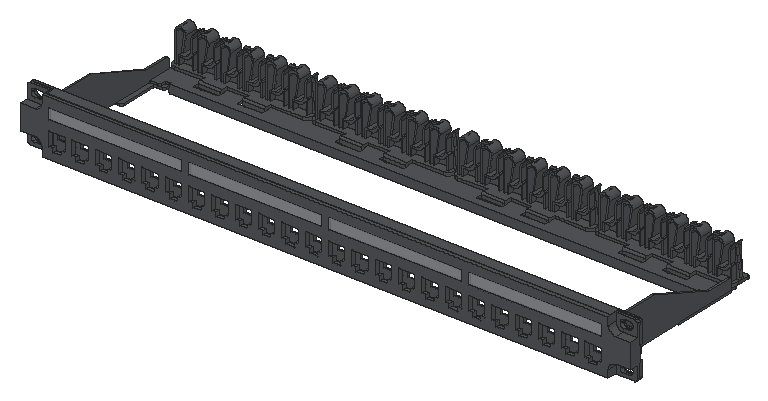
Revit family "Patch panel", category Equipement spécialisé, Revit 2020 (continued)
Dimensions and locks
  aligned and locked: Extrusion 161 sketch curve to plane 650
  aligned and locked: Extrusion 161 sketch curve to plane 656
  aligned and locked: Extrusion 161 sketch curve to plane 655
  aligned and locked: Extrusion 161 sketch curve to plane 651
  aligned and locked: plane 652 to Extrusion 161 sketch curve
  aligned and locked: Extrusion 161 sketch curve to plane 653
  aligned and locked: Extrusion 161 sketch curve to plane 649
  aligned and locked: Extrusion 161 sketch curve to plane 648
  aligned and locked: Extrusion 161 sketch curve to Extrusion 161 sketch curve
  aligned and locked: plane 660 to Extrusion 162 sketch curve
  aligned and locked: Extrusion 162 sketch curve to plane 663
  aligned and locked: Extrusion 162 sketch curve to plane 669
  aligned and locked: Extrusion 162 sketch curve to plane 668
  aligned and locked: Extrusion 162 sketch curve to plane 664
  aligned and locked: plane 665 to Extrusion 162 sketch curve
  aligned and locked: Extrusion 162 sketch curve to plane 666
  aligned and locked: Extrusion 162 sketch curve to plane 662
  aligned and locked: Extrusion 162 sketch curve to plane 661
  aligned and locked: Extrusion 162 sketch curve to Extrusion 162 sketch curve
  aligned and locked: plane 673 to Extrusion 163 sketch curve
  aligned and locked: Extrusion 163 sketch curve to plane 676
  aligned and locked: Extrusion 163 sketch curve to plane 682
  aligned and locked: Extrusion 163 sketch curve to plane 681
  aligned and locked: Extrusion 163 sketch curve to plane 677
  aligned and locked: plane 678 to Extrusion 163 sketch curve
  aligned and locked: Extrusion 163 sketch curve to plane 679
  aligned and locked: Extrusion 163 sketch curve to plane 675
  aligned and locked: Extrusion 163 sketch curve to plane 674
  aligned and locked: Extrusion 163 sketch curve to Extrusion 163 sketch curve
  aligned and locked: Extrusion 164 sketch curve to Extrusion 158  (x10)
  aligned and locked: Extrusion 158 to Extrusion 164 sketch curve
  aligned and locked: Extrusion 160 to Extrusion 166 sketch curve
  aligned and locked: Extrusion 167 to Extrusion 161
  aligned and locked: Extrusion 162 to Extrusion 168 sketch curve
  aligned and locked: Extrusion 169 to Extrusion 163
  aligned and locked: plane 685 to Extrusion 158
  aligned and locked: plane 685 to Extrusion 170 sketch curve
  aligned and locked: plane 686 to Extrusion 171 sketch curve
  aligned and locked: plane 687 to Extrusion 172 sketch curve
  aligned and locked: plane 688 to Extrusion 173 sketch curve
  aligned and locked: plane 689 to Extrusion 174 sketch curve
  aligned and locked: Extrusion 175 sketch curve to plane 690
  aligned and locked: plane 692 to Extrusion 175 sketch curve
  aligned and locked: plane 691 to Extrusion 175 sketch curve
  aligned and locked: Extrusion 175 sketch curve to plane 693
  aligned and locked: plane 694 to Extrusion 178 sketch curve
  aligned and locked: plane 696 to Extrusion 175
  aligned and locked: plane 695 to Extrusion 178 sketch curve
  aligned and locked: Extrusion 179 sketch curve to plane 698
  aligned and locked: Extrusion 179 sketch curve to plane 699
  aligned and locked: Extrusion 178 to Extrusion 179 sketch curve  (x2)
  aligned and locked: plane 701 to Extrusion 180 sketch curve
  aligned and locked: Extrusion 180 to Extrusion 178
  aligned and locked: Extrusion 181 sketch curve to plane 702
  aligned and locked: plane 703 to Extrusion 181 sketch curve
  aligned and locked: plane 705 to Extrusion 182 sketch curve
  aligned and locked: Extrusion 182 sketch curve to plane 706
  aligned and locked: Extrusion 181 to Extrusion 182 sketch curve  (x2)
  aligned and locked: Extrusion 183 sketch curve to plane 708
  aligned and locked: Extrusion 183 to Extrusion 181
  aligned and locked: plane 710 to Extrusion 184 sketch curve
  aligned and locked: Extrusion 184 sketch curve to plane 713
  aligned and locked: Extrusion 184 sketch curve to plane 719
  aligned and locked: Extrusion 184 sketch curve to plane 718
  aligned and locked: Extrusion 184 sketch curve to plane 714
  aligned and locked: plane 715 to Extrusion 184 sketch curve
  aligned and locked: Extrusion 184 sketch curve to plane 716
  aligned and locked: Extrusion 184 sketch curve to plane 712
  aligned and locked: Extrusion 184 sketch curve to plane 711
  aligned and locked: Extrusion 184 sketch curve to Extrusion 184 sketch curve
  aligned and locked: plane 723 to Extrusion 185 sketch curve
  aligned and locked: Extrusion 185 sketch curve to plane 726
  aligned and locked: Extrusion 185 sketch curve to plane 732
  aligned and locked: Extrusion 185 sketch curve to plane 731
  aligned and locked: Extrusion 185 sketch curve to plane 727
  aligned and locked: plane 728 to Extrusion 185 sketch curve
  aligned and locked: Extrusion 185 sketch curve to plane 729
  aligned and locked: Extrusion 185 sketch curve to plane 725
  aligned and locked: Extrusion 185 sketch curve to plane 724
  aligned and locked: Extrusion 185 sketch curve to Extrusion 185 sketch curve
  aligned and locked: plane 736 to Extrusion 186 sketch curve
  aligned and locked: Extrusion 186 sketch curve to plane 739
  aligned and locked: Extrusion 186 sketch curve to plane 745
  aligned and locked: Extrusion 186 sketch curve to plane 744
  aligned and locked: Extrusion 186 sketch curve to plane 740
  aligned and locked: plane 741 to Extrusion 186 sketch curve
  aligned and locked: Extrusion 186 sketch curve to plane 742
  aligned and locked: Extrusion 186 sketch curve to plane 738
  aligned and locked: Extrusion 186 sketch curve to plane 737
  aligned and locked: Extrusion 186 sketch curve to Extrusion 186 sketch curve
  aligned and locked: plane 749 to Extrusion 187 sketch curve
  aligned and locked: Extrusion 187 sketch curve to plane 752
  aligned and locked: Extrusion 187 sketch curve to plane 758
  aligned and locked: Extrusion 187 sketch curve to plane 757
  aligned and locked: Extrusion 187 sketch curve to plane 753
  aligned and locked: plane 754 to Extrusion 187 sketch curve
  aligned and locked: Extrusion 187 sketch curve to plane 755
  aligned and locked: Extrusion 187 sketch curve to plane 751
  aligned and locked: Extrusion 187 sketch curve to plane 750
  aligned and locked: Extrusion 187 sketch curve to Extrusion 187 sketch curve
  aligned and locked: plane 762 to Extrusion 188 sketch curve
  aligned and locked: Extrusion 188 sketch curve to plane 765
  aligned and locked: Extrusion 188 sketch curve to plane 771
  aligned and locked: Extrusion 188 sketch curve to plane 770
  aligned and locked: Extrusion 188 sketch curve to plane 766
  aligned and locked: plane 767 to Extrusion 188 sketch curve
  aligned and locked: Extrusion 188 sketch curve to plane 768
  aligned and locked: Extrusion 188 sketch curve to plane 764
  aligned and locked: Extrusion 188 sketch curve to plane 763
  aligned and locked: Extrusion 188 sketch curve to Extrusion 188 sketch curve
  aligned and locked: plane 775 to Extrusion 189 sketch curve
  aligned and locked: Extrusion 189 sketch curve to plane 778
  aligned and locked: Extrusion 189 sketch curve to plane 784
  aligned and locked: Extrusion 189 sketch curve to plane 783
  aligned and locked: Extrusion 189 sketch curve to plane 779
  aligned and locked: plane 780 to Extrusion 189 sketch curve
  aligned and locked: Extrusion 189 sketch curve to plane 781
  aligned and locked: Extrusion 189 sketch curve to plane 777
  aligned and locked: Extrusion 189 sketch curve to plane 776
  aligned and locked: Extrusion 189 sketch curve to Extrusion 189 sketch curve
  aligned and locked: Extrusion 190 sketch curve to Extrusion 184  (x10)
  aligned and locked: Extrusion 184 to Extrusion 190 sketch curve
  aligned and locked: Extrusion 186 to Extrusion 192 sketch curve
  aligned and locked: Extrusion 193 to Extrusion 187
  aligned and locked: Extrusion 188 to Extrusion 194 sketch curve
  aligned and locked: Extrusion 195 to Extrusion 189
  aligned and locked: plane 787 to Extrusion 184
  aligned and locked: plane 787 to Extrusion 196 sketch curve
  aligned and locked: plane 788 to Extrusion 197 sketch curve
  aligned and locked: plane 789 to Extrusion 198 sketch curve
  aligned and locked: plane 790 to Extrusion 199 sketch curve
  aligned and locked: plane 791 to Extrusion 200 sketch curve
  aligned and locked: Extrusion 201 sketch curve to cut or joined group of Extrusion 31, Extrusion 32, Extrusion 33, Extrusion 34, Extrusion 35, Extrusion 36, Extrusion 37, Extrusion 38, Extrusion 39, Extrusion 40, Extrusion 41, Extrusion 42, Extrusion 43, Extrusion 44, Extrusion 45, Extrusion 46, Extrusion 47, Extrusion 48, Extrusion 49, Extrusion 50, Extrusion 51, Extrusion 52, Extrusion 53, Extrusion 54, Extrusion 55, Extrusion 56, Extrusion 57, Extrusion 58, Extrusion 59, Extrusion 60, Extrusion 61, Extrusion 62  (x16)
  aligned and locked: Extrusion 201 to cut or joined group of Extrusion 1, Extrusion 2, Extrusion 3, Extrusion 4, Extrusion 5, Extrusion 6, Extrusion 7, Extrusion 8, Extrusion 9, Extrusion 10, Extrusion 11, Extrusion 12, Extrusion 13, Extrusion 14, Extrusion 15, Extrusion 16, Extrusion 17, Extrusion 18, Extrusion 19, Extrusion 20, Extrusion 21, Extrusion 22, Extrusion 23, Extrusion 24, Extrusion 25, Extrusion 26, Extrusion 27, Extrusion 28, Extrusion 29, Extrusion 30, Extrusion 32
Automatic sketch dimensions
  Extrusion 7 sketch curve to Extrusion 7 sketch curve = 5.4 mm
  Extrusion 7 sketch curve to Extrusion 7 sketch curve = 4 mm
  Extrusion 7 sketch curve to Extrusion 7 sketch curve = 14.8 mm
  Extrusion 7 sketch curve to Extrusion 7 sketch curve = 20.6 mm
  Extrusion 7 sketch curve to Extrusion 7 sketch curve = 0 mm
  Extrusion 7 sketch curve to Extrusion 7 sketch curve = 2.1 mm
  Extrusion 8 sketch curve to Extrusion 8 sketch curve = 5.4 mm
  Extrusion 8 sketch curve to Extrusion 8 sketch curve = 4 mm
  Extrusion 8 sketch curve to Extrusion 8 sketch curve = 14.8 mm
  Extrusion 8 sketch curve to Extrusion 8 sketch curve = 20.6 mm
  Extrusion 8 sketch curve to Extrusion 8 sketch curve = 0 mm
  Extrusion 8 sketch curve to Extrusion 8 sketch curve = 2.1 mm
  Extrusion 9 sketch curve to Extrusion 9 sketch curve = 5.4 mm
  Extrusion 9 sketch curve to Extrusion 9 sketch curve = 4 mm
  Extrusion 9 sketch curve to Extrusion 9 sketch curve = 14.8 mm
  Extrusion 9 sketch curve to Extrusion 9 sketch curve = 20.6 mm
  Extrusion 9 sketch curve to Extrusion 9 sketch curve = 0 mm
  Extrusion 9 sketch curve to Extrusion 9 sketch curve = 2.1 mm
  Extrusion 10 sketch curve to Extrusion 10 sketch curve = 5.4 mm
  Extrusion 10 sketch curve to Extrusion 10 sketch curve = 4 mm
  Extrusion 10 sketch curve to Extrusion 10 sketch curve = 14.8 mm
  Extrusion 10 sketch curve to Extrusion 10 sketch curve = 20.6 mm
  Extrusion 10 sketch curve to Extrusion 10 sketch curve = 0 mm
  Extrusion 10 sketch curve to Extrusion 10 sketch curve = 2.1 mm
  Extrusion 11 sketch curve to Extrusion 11 sketch curve = 5.4 mm
  Extrusion 11 sketch curve to Extrusion 11 sketch curve = 4 mm
  Extrusion 11 sketch curve to Extrusion 11 sketch curve = 14.8 mm
  Extrusion 11 sketch curve to Extrusion 11 sketch curve = 20.6 mm
  Extrusion 11 sketch curve to Extrusion 11 sketch curve = 0 mm
  Extrusion 11 sketch curve to Extrusion 11 sketch curve = 2.1 mm
  Extrusion 12 sketch curve to Extrusion 12 sketch curve = 5.4 mm
  Extrusion 12 sketch curve to Extrusion 12 sketch curve = 4 mm
  Extrusion 12 sketch curve to Extrusion 12 sketch curve = 14.8 mm
  Extrusion 12 sketch curve to Extrusion 12 sketch curve = 20.6 mm
  Extrusion 12 sketch curve to Extrusion 12 sketch curve = 0 mm
  Extrusion 12 sketch curve to Extrusion 12 sketch curve = 2.1 mm
  Extrusion 13 sketch curve to Extrusion 13 sketch curve = 5.4 mm
  Extrusion 13 sketch curve to Extrusion 13 sketch curve = 4 mm
  Extrusion 13 sketch curve to Extrusion 13 sketch curve = 14.8 mm
  Extrusion 13 sketch curve to Extrusion 13 sketch curve = 20.6 mm
  Extrusion 13 sketch curve to Extrusion 13 sketch curve = 0 mm
  Extrusion 13 sketch curve to Extrusion 13 sketch curve = 2.1 mm
  Extrusion 14 sketch curve to Extrusion 14 sketch curve = 5.4 mm
  Extrusion 14 sketch curve to Extrusion 14 sketch curve = 4 mm
  Extrusion 14 sketch curve to Extrusion 14 sketch curve = 14.8 mm
  Extrusion 14 sketch curve to Extrusion 14 sketch curve = 20.6 mm
  Extrusion 14 sketch curve to Extrusion 14 sketch curve = 0 mm
  Extrusion 14 sketch curve to Extrusion 14 sketch curve = 2.1 mm
  Extrusion 15 sketch curve to Extrusion 15 sketch curve = 5.4 mm
  Extrusion 15 sketch curve to Extrusion 15 sketch curve = 4 mm
  Extrusion 15 sketch curve to Extrusion 15 sketch curve = 14.8 mm
  Extrusion 15 sketch curve to Extrusion 15 sketch curve = 20.6 mm
  Extrusion 15 sketch curve to Extrusion 15 sketch curve = 0 mm
  Extrusion 15 sketch curve to Extrusion 15 sketch curve = 2.1 mm
  Extrusion 16 sketch curve to Extrusion 16 sketch curve = 5.4 mm
  Extrusion 16 sketch curve to Extrusion 16 sketch curve = 4 mm
  Extrusion 16 sketch curve to Extrusion 16 sketch curve = 14.8 mm
  Extrusion 16 sketch curve to Extrusion 16 sketch curve = 20.6 mm
  Extrusion 16 sketch curve to Extrusion 16 sketch curve = 0 mm
  Extrusion 16 sketch curve to Extrusion 16 sketch curve = 2.1 mm
  Extrusion 17 sketch curve to Extrusion 17 sketch curve = 5.4 mm
  Extrusion 17 sketch curve to Extrusion 17 sketch curve = 4 mm
  Extrusion 17 sketch curve to Extrusion 17 sketch curve = 14.8 mm
  Extrusion 17 sketch curve to Extrusion 17 sketch curve = 20.6 mm
  Extrusion 17 sketch curve to Extrusion 17 sketch curve = 0 mm
  Extrusion 17 sketch curve to Extrusion 17 sketch curve = 2.1 mm
  Extrusion 18 sketch curve to Extrusion 18 sketch curve = 5.4 mm
  Extrusion 18 sketch curve to Extrusion 18 sketch curve = 4 mm
  Extrusion 18 sketch curve to Extrusion 18 sketch curve = 14.8 mm
  Extrusion 18 sketch curve to Extrusion 18 sketch curve = 20.6 mm
  Extrusion 18 sketch curve to Extrusion 18 sketch curve = 0 mm
  Extrusion 18 sketch curve to Extrusion 18 sketch curve = 2.1 mm
  Extrusion 19 sketch curve to Extrusion 19 sketch curve = 5.4 mm
  Extrusion 19 sketch curve to Extrusion 19 sketch curve = 4 mm
  Extrusion 19 sketch curve to Extrusion 19 sketch curve = 14.8 mm
  Extrusion 19 sketch curve to Extrusion 19 sketch curve = 20.6 mm
  Extrusion 19 sketch curve to Extrusion 19 sketch curve = 0 mm
  Extrusion 19 sketch curve to Extrusion 19 sketch curve = 2.1 mm
  Extrusion 20 sketch curve to Extrusion 20 sketch curve = 5.4 mm
  Extrusion 20 sketch curve to Extrusion 20 sketch curve = 4 mm
  Extrusion 20 sketch curve to Extrusion 20 sketch curve = 14.8 mm
  Extrusion 20 sketch curve to Extrusion 20 sketch curve = 20.6 mm
  Extrusion 20 sketch curve to Extrusion 20 sketch curve = 0 mm
  Extrusion 20 sketch curve to Extrusion 20 sketch curve = 2.1 mm
  Extrusion 21 sketch curve to Extrusion 21 sketch curve = 5.4 mm
  Extrusion 21 sketch curve to Extrusion 21 sketch curve = 4 mm
  Extrusion 21 sketch curve to Extrusion 21 sketch curve = 14.8 mm
  Extrusion 21 sketch curve to Extrusion 21 sketch curve = 20.6 mm
  Extrusion 21 sketch curve to Extrusion 21 sketch curve = 0 mm
  Extrusion 21 sketch curve to Extrusion 21 sketch curve = 2.1 mm
  Extrusion 22 sketch curve to Extrusion 22 sketch curve = 5.4 mm
  Extrusion 22 sketch curve to Extrusion 22 sketch curve = 4 mm
  Extrusion 22 sketch curve to Extrusion 22 sketch curve = 14.8 mm
  Extrusion 22 sketch curve to Extrusion 22 sketch curve = 20.6 mm
  Extrusion 22 sketch curve to Extrusion 22 sketch curve = 0 mm
  Extrusion 22 sketch curve to Extrusion 22 sketch curve = 2.1 mm
  Extrusion 23 sketch curve to Extrusion 23 sketch curve = 5.4 mm
  Extrusion 23 sketch curve to Extrusion 23 sketch curve = 4 mm
  Extrusion 23 sketch curve to Extrusion 23 sketch curve = 14.8 mm
  Extrusion 23 sketch curve to Extrusion 23 sketch curve = 20.6 mm
  Extrusion 23 sketch curve to Extrusion 23 sketch curve = 0 mm
  Extrusion 23 sketch curve to Extrusion 23 sketch curve = 2.1 mm
  Extrusion 24 sketch curve to Extrusion 24 sketch curve = 5.4 mm
  Extrusion 24 sketch curve to Extrusion 24 sketch curve = 4 mm
  Extrusion 24 sketch curve to Extrusion 24 sketch curve = 14.8 mm
  Extrusion 24 sketch curve to Extrusion 24 sketch curve = 20.6 mm
  Extrusion 24 sketch curve to Extrusion 24 sketch curve = 0 mm
  Extrusion 24 sketch curve to Extrusion 24 sketch curve = 2.1 mm
  Extrusion 25 sketch curve to Extrusion 25 sketch curve = 5.4 mm
  Extrusion 25 sketch curve to Extrusion 25 sketch curve = 4 mm
  Extrusion 25 sketch curve to Extrusion 25 sketch curve = 14.8 mm
  Extrusion 25 sketch curve to Extrusion 25 sketch curve = 20.6 mm
  Extrusion 25 sketch curve to Extrusion 25 sketch curve = 0 mm
  Extrusion 25 sketch curve to Extrusion 25 sketch curve = 2.1 mm
  Extrusion 26 sketch curve to Extrusion 26 sketch curve = 5.4 mm
  Extrusion 26 sketch curve to Extrusion 26 sketch curve = 4 mm
  Extrusion 26 sketch curve to Extrusion 26 sketch curve = 14.8 mm
  Extrusion 26 sketch curve to Extrusion 26 sketch curve = 20.6 mm
  Extrusion 26 sketch curve to Extrusion 26 sketch curve = 0 mm
  Extrusion 26 sketch curve to Extrusion 26 sketch curve = 2.1 mm
  Extrusion 27 sketch curve to Extrusion 27 sketch curve = 5.4 mm
  Extrusion 27 sketch curve to Extrusion 27 sketch curve = 4 mm
  Extrusion 27 sketch curve to Extrusion 27 sketch curve = 14.8 mm
  Extrusion 27 sketch curve to Extrusion 27 sketch curve = 20.6 mm
  Extrusion 27 sketch curve to Extrusion 27 sketch curve = 0 mm
  Extrusion 27 sketch curve to Extrusion 27 sketch curve = 2.1 mm
  Extrusion 28 sketch curve to Extrusion 28 sketch curve = 5.4 mm
  Extrusion 28 sketch curve to Extrusion 28 sketch curve = 4 mm
  Extrusion 28 sketch curve to Extrusion 28 sketch curve = 14.8 mm
  Extrusion 28 sketch curve to Extrusion 28 sketch curve = 20.6 mm
  Extrusion 28 sketch curve to Extrusion 28 sketch curve = 0 mm
  Extrusion 28 sketch curve to Extrusion 28 sketch curve = 2.1 mm
  Extrusion 29 sketch curve to Extrusion 29 sketch curve = 5.4 mm
  Extrusion 29 sketch curve to Extrusion 29 sketch curve = 4 mm
  Extrusion 29 sketch curve to Extrusion 29 sketch curve = 14.8 mm
  Extrusion 29 sketch curve to Extrusion 29 sketch curve = 20.6 mm
  Extrusion 29 sketch curve to Extrusion 29 sketch curve = 0 mm
  Extrusion 29 sketch curve to Extrusion 29 sketch curve = 2.1 mm
  Extrusion 30 sketch curve to Extrusion 30 sketch curve = 5.4 mm
  Extrusion 30 sketch curve to Extrusion 30 sketch curve = 4 mm
  Extrusion 30 sketch curve to Extrusion 30 sketch curve = 14.8 mm
  Extrusion 30 sketch curve to Extrusion 30 sketch curve = 20.6 mm
  Extrusion 30 sketch curve to Extrusion 30 sketch curve = 0 mm
  Extrusion 30 sketch curve to Extrusion 30 sketch curve = 2.1 mm
  plane 51 to Extrusion 35 sketch curve = 3.2 mm  (x2)
  plane 57 to Extrusion 36 sketch curve = 3.2 mm  (x2)
  plane 63 to Extrusion 37 sketch curve = 3.2 mm  (x2)
  plane 69 to Extrusion 38 sketch curve = 3.2 mm  (x2)
  plane 75 to Extrusion 39 sketch curve = 3.2 mm  (x2)
  plane 81 to Extrusion 40 sketch curve = 3.2 mm  (x2)
  plane 87 to Extrusion 41 sketch curve = 3.2 mm  (x2)
  plane 93 to Extrusion 42 sketch curve = 3.2 mm  (x2)
  plane 99 to Extrusion 43 sketch curve = 3.2 mm  (x2)
  plane 105 to Extrusion 44 sketch curve = 3.2 mm  (x2)
  plane 111 to Extrusion 45 sketch curve = 3.2 mm  (x2)
  plane 117 to Extrusion 46 sketch curve = 3.2 mm  (x2)
  plane 123 to Extrusion 47 sketch curve = 3.2 mm  (x2)
  plane 129 to Extrusion 48 sketch curve = 3.2 mm  (x2)
  plane 135 to Extrusion 49 sketch curve = 3.2 mm  (x2)
  plane 141 to Extrusion 50 sketch curve = 3.2 mm  (x2)
  plane 147 to Extrusion 51 sketch curve = 3.2 mm  (x2)
  plane 153 to Extrusion 52 sketch curve = 3.2 mm  (x2)
  plane 159 to Extrusion 53 sketch curve = 3.2 mm  (x2)
  plane 165 to Extrusion 54 sketch curve = 3.2 mm  (x2)
  plane 171 to Extrusion 55 sketch curve = 3.2 mm  (x2)
  plane 177 to Extrusion 56 sketch curve = 3.2 mm  (x2)
  plane 183 to Extrusion 57 sketch curve = 3.2 mm  (x2)
  plane 189 to Extrusion 58 sketch curve = 3.2 mm  (x2)
  Extrusion 106 sketch curve to Extrusion 106 sketch curve = 0 mm  (x2)
  Extrusion 106 sketch curve to plane 402 = 0 mm
  Extrusion 106 sketch curve to plane 404 = 0 mm
  plane 404 to Extrusion 106 sketch curve = 0 mm
  Extrusion 106 sketch curve to plane 408 = 0 mm  (x2)
  plane 412 to Extrusion 106 sketch curve = 0.3 mm
  Extrusion 106 sketch curve to plane 402 = 0.36 mm
  plane 404 to Extrusion 106 sketch curve = 0.2 mm
  Extrusion 106 sketch curve to plane 404 = 0.3 mm
  plane 408 to Extrusion 106 sketch curve = 0.465 mm
  Extrusion 106 sketch curve to plane 401 = 0.42 mm
  Extrusion 106 sketch curve to Extrusion 106 sketch curve = 1.189 mm
  Extrusion 106 sketch curve to plane 409 = 0.2 mm
  Extrusion 106 sketch curve to Extrusion 106 sketch curve = 1.215 mm
  plane 409 to Extrusion 106 sketch curve = 4.3 mm
  plane 412 to Extrusion 106 sketch curve = 1 mm  (x2)
  plane 409 to Extrusion 106 sketch curve = 3.8 mm
  Extrusion 106 sketch curve to Extrusion 106 sketch curve = 1.2 mm
  Extrusion 106 sketch curve to Extrusion 106 sketch curve = 0.1 mm
  Extrusion 106 sketch curve to plane 412 = 1.163 mm
  Extrusion 106 sketch curve to plane 410 = 5.8 mm  (x2)
  Extrusion 107 sketch curve to Extrusion 107 sketch curve = 0 mm  (x2)
  Extrusion 107 sketch curve to plane 415 = 0 mm
  Extrusion 107 sketch curve to plane 417 = 0 mm
  plane 417 to Extrusion 107 sketch curve = 0 mm
  Extrusion 107 sketch curve to plane 421 = 0 mm  (x2)
  plane 425 to Extrusion 107 sketch curve = 0.3 mm
  Extrusion 107 sketch curve to plane 415 = 0.36 mm
  plane 417 to Extrusion 107 sketch curve = 0.2 mm
  Extrusion 107 sketch curve to plane 417 = 0.3 mm
  plane 421 to Extrusion 107 sketch curve = 0.465 mm
  Extrusion 107 sketch curve to plane 414 = 0.42 mm
  Extrusion 107 sketch curve to Extrusion 107 sketch curve = 1.189 mm
  Extrusion 107 sketch curve to plane 422 = 0.2 mm
  Extrusion 107 sketch curve to Extrusion 107 sketch curve = 1.215 mm
  plane 422 to Extrusion 107 sketch curve = 4.3 mm
  plane 425 to Extrusion 107 sketch curve = 1 mm  (x2)
  plane 422 to Extrusion 107 sketch curve = 3.8 mm
  Extrusion 107 sketch curve to Extrusion 107 sketch curve = 1.2 mm
  Extrusion 107 sketch curve to Extrusion 107 sketch curve = 0.1 mm
  Extrusion 107 sketch curve to plane 425 = 1.163 mm
  Extrusion 107 sketch curve to plane 423 = 5.8 mm  (x2)
  Extrusion 108 sketch curve to Extrusion 108 sketch curve = 0 mm  (x2)
  Extrusion 108 sketch curve to plane 428 = 0 mm
  Extrusion 108 sketch curve to plane 430 = 0 mm
  plane 430 to Extrusion 108 sketch curve = 0 mm
  Extrusion 108 sketch curve to plane 434 = 0 mm  (x2)
  plane 438 to Extrusion 108 sketch curve = 0.3 mm
  Extrusion 108 sketch curve to plane 428 = 0.36 mm
  plane 430 to Extrusion 108 sketch curve = 0.2 mm
  Extrusion 108 sketch curve to plane 430 = 0.3 mm
  plane 434 to Extrusion 108 sketch curve = 0.465 mm
  Extrusion 108 sketch curve to plane 427 = 0.42 mm
  Extrusion 108 sketch curve to Extrusion 108 sketch curve = 1.189 mm
  Extrusion 108 sketch curve to plane 435 = 0.2 mm
  Extrusion 108 sketch curve to Extrusion 108 sketch curve = 1.215 mm
  plane 435 to Extrusion 108 sketch curve = 4.3 mm
  plane 438 to Extrusion 108 sketch curve = 1 mm  (x2)
  plane 435 to Extrusion 108 sketch curve = 3.8 mm
  Extrusion 108 sketch curve to Extrusion 108 sketch curve = 1.2 mm
  Extrusion 108 sketch curve to Extrusion 108 sketch curve = 0.1 mm
  Extrusion 108 sketch curve to plane 438 = 1.163 mm
  Extrusion 108 sketch curve to plane 436 = 5.8 mm  (x2)
  Extrusion 109 sketch curve to Extrusion 109 sketch curve = 0 mm  (x2)
  Extrusion 109 sketch curve to plane 441 = 0 mm
  Extrusion 109 sketch curve to plane 443 = 0 mm
  plane 443 to Extrusion 109 sketch curve = 0 mm
  Extrusion 109 sketch curve to plane 447 = 0 mm  (x2)
  plane 451 to Extrusion 109 sketch curve = 0.3 mm
  Extrusion 109 sketch curve to plane 441 = 0.36 mm
  plane 443 to Extrusion 109 sketch curve = 0.2 mm
  Extrusion 109 sketch curve to plane 443 = 0.3 mm
  plane 447 to Extrusion 109 sketch curve = 0.465 mm
  Extrusion 109 sketch curve to plane 440 = 0.42 mm
  Extrusion 109 sketch curve to Extrusion 109 sketch curve = 1.189 mm
  Extrusion 109 sketch curve to plane 448 = 0.2 mm
  Extrusion 109 sketch curve to Extrusion 109 sketch curve = 1.215 mm
  plane 448 to Extrusion 109 sketch curve = 4.3 mm
  plane 451 to Extrusion 109 sketch curve = 1 mm  (x2)
  plane 448 to Extrusion 109 sketch curve = 3.8 mm
  Extrusion 109 sketch curve to Extrusion 109 sketch curve = 1.2 mm
  Extrusion 109 sketch curve to Extrusion 109 sketch curve = 0.1 mm
  Extrusion 109 sketch curve to plane 451 = 1.163 mm
  Extrusion 109 sketch curve to plane 449 = 5.8 mm  (x2)
  Extrusion 110 sketch curve to Extrusion 110 sketch curve = 0 mm  (x2)
  Extrusion 110 sketch curve to plane 454 = 0 mm
  Extrusion 110 sketch curve to plane 456 = 0 mm
  plane 456 to Extrusion 110 sketch curve = 0 mm
  Extrusion 110 sketch curve to plane 460 = 0 mm  (x2)
  plane 464 to Extrusion 110 sketch curve = 0.3 mm
  Extrusion 110 sketch curve to plane 454 = 0.36 mm
  plane 456 to Extrusion 110 sketch curve = 0.2 mm
  Extrusion 110 sketch curve to plane 456 = 0.3 mm
  plane 460 to Extrusion 110 sketch curve = 0.465 mm
  Extrusion 110 sketch curve to plane 453 = 0.42 mm
  Extrusion 110 sketch curve to Extrusion 110 sketch curve = 1.189 mm
  Extrusion 110 sketch curve to plane 461 = 0.2 mm
  Extrusion 110 sketch curve to Extrusion 110 sketch curve = 1.215 mm
  plane 461 to Extrusion 110 sketch curve = 4.3 mm
  plane 464 to Extrusion 110 sketch curve = 1 mm  (x2)
  plane 461 to Extrusion 110 sketch curve = 3.8 mm
  Extrusion 110 sketch curve to Extrusion 110 sketch curve = 1.2 mm
  Extrusion 110 sketch curve to Extrusion 110 sketch curve = 0.1 mm
  Extrusion 110 sketch curve to plane 464 = 1.163 mm
  Extrusion 110 sketch curve to plane 462 = 5.8 mm  (x2)
  Extrusion 111 sketch curve to Extrusion 111 sketch curve = 0 mm  (x2)
  Extrusion 111 sketch curve to plane 467 = 0 mm
  Extrusion 111 sketch curve to plane 469 = 0 mm
  plane 469 to Extrusion 111 sketch curve = 0 mm
  Extrusion 111 sketch curve to plane 473 = 0 mm  (x2)
  plane 477 to Extrusion 111 sketch curve = 0.3 mm
  Extrusion 111 sketch curve to plane 467 = 0.36 mm
  plane 469 to Extrusion 111 sketch curve = 0.2 mm
  Extrusion 111 sketch curve to plane 469 = 0.3 mm
  plane 473 to Extrusion 111 sketch curve = 0.465 mm
  Extrusion 111 sketch curve to plane 466 = 0.42 mm
  Extrusion 111 sketch curve to Extrusion 111 sketch curve = 1.189 mm
  Extrusion 111 sketch curve to plane 474 = 0.2 mm
  Extrusion 111 sketch curve to Extrusion 111 sketch curve = 1.215 mm
  plane 474 to Extrusion 111 sketch curve = 4.3 mm
  plane 477 to Extrusion 111 sketch curve = 1 mm  (x2)
  plane 474 to Extrusion 111 sketch curve = 3.8 mm
  Extrusion 111 sketch curve to Extrusion 111 sketch curve = 1.2 mm
  Extrusion 111 sketch curve to Extrusion 111 sketch curve = 0.1 mm
  Extrusion 111 sketch curve to plane 477 = 1.163 mm
  Extrusion 111 sketch curve to plane 475 = 5.8 mm  (x2)
  plane 7 to Extrusion 1 sketch curve = 0 mm
  plane 22 to Extrusion 1 sketch curve = 1 mm
  Extrusion 1 sketch curve to plane 4 = 2.5 mm
  plane 15 to Extrusion 2 sketch curve = 3 mm  (x3)
  Extrusion 2 sketch curve to Extrusion 2 sketch curve = 0 mm
  Extrusion 2 sketch curve to plane 13 = 2.6 mm  (x4)
  Extrusion 3 sketch curve to plane 1 "Centre (avant/arrière)" = 0 mm  (x2)
  Extrusion 3 sketch curve to level = 0 mm
  Extrusion 3 sketch curve to plane 5 = 0 mm
  Extrusion 4 sketch curve to plane 13 = 0 mm
  Extrusion 4 sketch curve to plane 6 = 0 mm
  plane 1 "Centre (avant/arrière)" to Extrusion 4 sketch curve = 0 mm
  plane 1 "Centre (avant/arrière)" to Extrusion 4 sketch curve = 0.3 mm
  plane 1 "Centre (avant/arrière)" to Extrusion 4 sketch curve = 0.273 mm
  Extrusion 5 sketch curve to plane 4 = 0 mm
  Extrusion 5 sketch curve to plane 12 = 0 mm
  Extrusion 5 sketch curve to plane 11 = 0 mm
  Extrusion 5 sketch curve to Extrusion 5 sketch curve = 3 mm  (x2)
  Extrusion 5 sketch curve to plane 29 = 3 mm  (x2)
  Extrusion 5 sketch curve to Extrusion 5 sketch curve = 0 mm
  plane 30 to Extrusion 5 sketch curve = 3 mm  (x2)
  Extrusion 5 sketch curve to Extrusion 5 sketch curve = 0.478 mm
  plane 30 to Extrusion 5 sketch curve = 0.4 mm
  Extrusion 5 sketch curve to Extrusion 5 sketch curve = 2.425 mm
  Extrusion 6 sketch curve to plane 6 = 0 mm
  plane 1 "Centre (avant/arrière)" to Extrusion 6 sketch curve = 0 mm
  plane 35 to Extrusion 6 sketch curve = 0.75 mm
  plane 1 "Centre (avant/arrière)" to Extrusion 6 sketch curve = 0.3 mm
  plane 1 "Centre (avant/arrière)" to Extrusion 6 sketch curve = 0.273 mm
  Extrusion 31 sketch curve to plane 3 = 0 mm
  Extrusion 31 sketch curve to plane 8 = 0 mm
  Extrusion 31 sketch curve to plane 4 = 0 mm
  Extrusion 31 sketch curve to plane 23 = 0 mm
  Extrusion 31 sketch curve to plane 6 = 0 mm  (x2)
  Extrusion 32 sketch curve to plane 5 = 0 mm
  Extrusion 32 sketch curve to plane 7 = 0 mm
  plane 7 to Extrusion 32 sketch curve = 0 mm
  Extrusion 32 sketch curve to level = 0 mm
  Extrusion 33 sketch curve to plane 4 = 0 mm  (x2)
  Extrusion 33 sketch curve to level = 0 mm
  Extrusion 33 sketch curve to plane 5 = 0 mm
  plane 587 to Extrusion 33 sketch curve = 6.1 mm  (x2)
  Extrusion 33 sketch curve to plane 41 = 2.568 mm
  Extrusion 33 sketch curve to plane 21 = 4.765 mm
  Extrusion 34 sketch curve to Extrusion 32 = 0 mm  (x10)
  Extrusion 34 sketch curve to Extrusion 34 sketch curve = 2.5 mm  (x4)
  Extrusion 34 sketch curve to Extrusion 34 sketch curve = 0.7 mm  (x4)
  Extrusion 34 sketch curve to Extrusion 34 sketch curve = 3 mm  (x6)
  Extrusion 34 sketch curve to Extrusion 34 sketch curve = 0 mm  (x17)
  Extrusion 32 to Extrusion 34 sketch curve = 2.6 mm  (x3)
  Extrusion 34 sketch curve to Extrusion 34 sketch curve = 3.7 mm
  Extrusion 34 sketch curve to Extrusion 34 sketch curve = 4.3 mm  (x4)
  Extrusion 32 to Extrusion 34 sketch curve = 5.865 mm  (x2)
  Extrusion 34 sketch curve to Extrusion 32 = 451.6 mm
  Extrusion 32 to Extrusion 34 sketch curve = 2.865 mm  (x2)
  Extrusion 32 to Extrusion 34 sketch curve = 2.5 mm  (x2)
  Extrusion 34 sketch curve to Extrusion 34 sketch curve = 0.8 mm  (x2)
  Extrusion 63 sketch curve to plane 214 = 0 mm
  Extrusion 63 sketch curve to plane 1 "Centre (avant/arrière)" = 1.5 mm  (x2)
  Extrusion 63 sketch curve to plane 208 = 1.5 mm
  Extrusion 63 sketch curve to plane 210 = 1.5 mm
  Extrusion 63 to Extrusion 64 sketch curve = 1.5 mm
  Extrusion 63 to Extrusion 64 sketch curve = 2.5 mm
  Extrusion 64 sketch curve to Extrusion 64 sketch curve = 1.5 mm  (x3)
  Extrusion 65 sketch curve to plane 1 "Centre (avant/arrière)" = 0 mm
  Extrusion 65 sketch curve to plane 227 = 0 mm
  Extrusion 65 sketch curve to plane 1 "Centre (avant/arrière)" = 1.5 mm  (x2)
  Extrusion 65 sketch curve to plane 221 = 1.5 mm
  Extrusion 65 sketch curve to plane 223 = 1.5 mm
  Extrusion 66 sketch curve to Extrusion 65 = 0 mm
  Extrusion 66 sketch curve to Extrusion 66 sketch curve = 1.5 mm  (x4)
  Extrusion 66 sketch curve to Extrusion 66 sketch curve = 2 mm
  Extrusion 67 sketch curve to Extrusion 67 sketch curve = 1 mm  (x5)
  Extrusion 67 sketch curve to Extrusion 64 = 1 mm  (x2)
  Extrusion 67 sketch curve to Extrusion 67 sketch curve = 8.475 mm
  Extrusion 67 sketch curve to Extrusion 67 sketch curve = 6.475 mm
  Extrusion 67 sketch curve to Extrusion 67 sketch curve = 3.5 mm
  Extrusion 68 sketch curve to Extrusion 68 sketch curve = 1 mm  (x2)
  Extrusion 69 sketch curve to Extrusion 69 sketch curve = 1 mm  (x7)
  Extrusion 69 sketch curve to Extrusion 69 sketch curve = 16 mm
  Extrusion 69 sketch curve to Extrusion 69 sketch curve = 0 mm
  Extrusion 67 to Extrusion 69 sketch curve = 5 mm
  Extrusion 69 sketch curve to Extrusion 69 sketch curve = 4 mm
  Extrusion 70 sketch curve to Extrusion 70 sketch curve = 1 mm  (x6)
  Extrusion 70 sketch curve to Extrusion 70 sketch curve = 16 mm
  Extrusion 70 sketch curve to Extrusion 70 sketch curve = 0 mm  (x2)
  Extrusion 70 sketch curve to Extrusion 70 sketch curve = 17.63 mm
  Extrusion 67 to Extrusion 70 sketch curve = 5 mm
  Extrusion 70 sketch curve to Extrusion 70 sketch curve = 4 mm
  Extrusion 71 sketch curve to Extrusion 71 sketch curve = 1 mm  (x6)
  Extrusion 71 sketch curve to Extrusion 71 sketch curve = 16 mm
  Extrusion 71 sketch curve to Extrusion 71 sketch curve = 0 mm  (x2)
  Extrusion 71 sketch curve to Extrusion 71 sketch curve = 17.63 mm
  Extrusion 67 to Extrusion 71 sketch curve = 10 mm
  Extrusion 71 sketch curve to Extrusion 71 sketch curve = 4 mm
  Extrusion 72 sketch curve to Extrusion 72 sketch curve = 1 mm  (x6)
  Extrusion 72 sketch curve to Extrusion 72 sketch curve = 16 mm
  Extrusion 72 sketch curve to Extrusion 72 sketch curve = 0 mm  (x2)
  Extrusion 72 sketch curve to Extrusion 72 sketch curve = 17.63 mm
  Extrusion 67 to Extrusion 72 sketch curve = 10 mm
  Extrusion 72 sketch curve to Extrusion 72 sketch curve = 4 mm
  Extrusion 73 sketch curve to Extrusion 73 sketch curve = 1 mm  (x5)
  Extrusion 67 to Extrusion 74 sketch curve = 0 mm
  Extrusion 74 sketch curve to Extrusion 74 sketch curve = 1 mm  (x5)
  Extrusion 67 to Extrusion 75 sketch curve = 0 mm
  Extrusion 75 sketch curve to Extrusion 75 sketch curve = 1 mm  (x5)
  Extrusion 67 to Extrusion 76 sketch curve = 0 mm
  Extrusion 76 sketch curve to Extrusion 76 sketch curve = 1 mm  (x5)
  Extrusion 67 to Extrusion 77 sketch curve = 0 mm
  Extrusion 77 sketch curve to Extrusion 77 sketch curve = 1 mm  (x5)
  Extrusion 67 to Extrusion 78 sketch curve = 0 mm
  Extrusion 78 sketch curve to Extrusion 78 sketch curve = 1 mm  (x5)
  Extrusion 67 to Extrusion 79 sketch curve = 0 mm
  Extrusion 79 sketch curve to Extrusion 79 sketch curve = 1 mm  (x5)
  Extrusion 67 to Extrusion 80 sketch curve = 0 mm
  Extrusion 80 sketch curve to Extrusion 80 sketch curve = 1 mm  (x5)
  Extrusion 67 to Extrusion 81 sketch curve = 0 mm
  Extrusion 81 sketch curve to Extrusion 81 sketch curve = 1 mm  (x5)
  Extrusion 67 to Extrusion 82 sketch curve = 0 mm
  Extrusion 82 sketch curve to Extrusion 82 sketch curve = 1 mm  (x5)
  Extrusion 67 to Extrusion 83 sketch curve = 0 mm
  Extrusion 83 sketch curve to Extrusion 83 sketch curve = 1 mm  (x5)
  Extrusion 67 to Extrusion 84 sketch curve = 0 mm
  Extrusion 84 sketch curve to Extrusion 84 sketch curve = 1 mm  (x5)
  Extrusion 67 to Extrusion 85 sketch curve = 0 mm
  Extrusion 85 sketch curve to Extrusion 85 sketch curve = 1 mm  (x5)
  Extrusion 67 to Extrusion 86 sketch curve = 0 mm
  Extrusion 86 sketch curve to Extrusion 86 sketch curve = 1 mm  (x5)
  Extrusion 67 to Extrusion 87 sketch curve = 0 mm
  Extrusion 87 sketch curve to Extrusion 87 sketch curve = 1 mm  (x5)
  Extrusion 67 to Extrusion 88 sketch curve = 0 mm
  Extrusion 88 sketch curve to Extrusion 88 sketch curve = 1 mm  (x5)
  Extrusion 67 to Extrusion 89 sketch curve = 0 mm
  Extrusion 89 sketch curve to Extrusion 89 sketch curve = 1 mm  (x5)
  Extrusion 67 to Extrusion 90 sketch curve = 0 mm
  Extrusion 90 sketch curve to Extrusion 90 sketch curve = 1 mm  (x5)
  Extrusion 67 to Extrusion 91 sketch curve = 0 mm
  Extrusion 91 sketch curve to Extrusion 91 sketch curve = 1 mm  (x5)
  Extrusion 67 to Extrusion 92 sketch curve = 0 mm
  Extrusion 92 sketch curve to Extrusion 92 sketch curve = 1 mm  (x5)
  Extrusion 67 to Extrusion 93 sketch curve = 0 mm
  Extrusion 93 sketch curve to Extrusion 93 sketch curve = 1 mm  (x5)
  Extrusion 67 to Extrusion 94 sketch curve = 0 mm
  Extrusion 94 sketch curve to Extrusion 94 sketch curve = 1 mm  (x5)
  Extrusion 67 to Extrusion 95 sketch curve = 0 mm
  Extrusion 95 sketch curve to Extrusion 95 sketch curve = 1 mm  (x5)
  Extrusion 67 to Extrusion 96 sketch curve = 0 mm
  Extrusion 96 sketch curve to Extrusion 96 sketch curve = 1 mm  (x5)
  Extrusion 97 sketch curve to Extrusion 67 = 0.9 mm
  Extrusion 97 sketch curve to Extrusion 67 = 3.9 mm
  Extrusion 97 sketch curve to Extrusion 67 = 1 mm
  Extrusion 97 sketch curve to Extrusion 97 sketch curve = 2 mm
  plane 41 to Extrusion 98 sketch curve = 1.267 mm
  Extrusion 98 sketch curve to plane 478 = 14.465 mm
  Extrusion 98 sketch curve to Extrusion 98 sketch curve = 1.5 mm  (x2)
  Extrusion 98 sketch curve to Extrusion 98 sketch curve = 0.5 mm
  Extrusion 98 sketch curve to Extrusion 98 sketch curve = 2.5 mm
  Extrusion 98 sketch curve to plane 41 = 1.733 mm
  plane 41 to Extrusion 99 sketch curve = 1.267 mm
  Extrusion 99 sketch curve to plane 478 = 14.465 mm
  Extrusion 99 sketch curve to Extrusion 99 sketch curve = 1.5 mm  (x2)
  Extrusion 99 sketch curve to Extrusion 99 sketch curve = 0.5 mm  (x2)
  Extrusion 99 sketch curve to Extrusion 99 sketch curve = 2.5 mm
  plane 41 to Extrusion 99 sketch curve = 0.767 mm
  Extrusion 99 sketch curve to plane 41 = 1.233 mm
  Extrusion 100 sketch curve to plane 385 = 0 mm
  plane 41 to Extrusion 100 sketch curve = 0.766 mm
  Extrusion 102 sketch curve to plane 389 = 0 mm
  Extrusion 103 sketch curve to plane 394 = 0 mm
  plane 41 to Extrusion 103 sketch curve = 0.766 mm
  Extrusion 105 sketch curve to plane 397 = 0 mm
  plane 399 to Extrusion 105 sketch curve = 0.535 mm
  Extrusion 105 sketch curve to plane 398 = 2.5 mm
  plane 11 to Extrusion 112 sketch curve = 0.429 mm
  Extrusion 112 sketch curve to Extrusion 112 sketch curve = 1.5 mm
  plane 11 to Extrusion 112 sketch curve = 0.356 mm
  Extrusion 112 sketch curve to Extrusion 112 sketch curve = 0.291 mm
  Extrusion 112 sketch curve to Extrusion 112 sketch curve = 2.84 mm
  Extrusion 112 sketch curve to plane 28 = 0.95 mm
  Extrusion 112 sketch curve to Extrusion 112 sketch curve = 1 mm
  Extrusion 112 sketch curve to Extrusion 112 sketch curve = 0.3 mm
  plane 386 to Extrusion 112 sketch curve = 2.8 mm
  plane 3 to Extrusion 112 sketch curve = 0.4 mm
  Extrusion 112 sketch curve to Extrusion 112 sketch curve = 1.215 mm
  Extrusion 112 sketch curve to plane 28 = 0.25 mm
  plane 44 to Extrusion 112 sketch curve = 3.067 mm
  Extrusion 112 sketch curve to Extrusion 112 sketch curve = 1.628 mm
  plane 44 to Extrusion 113 sketch curve = 3.439 mm
  plane 380 to Extrusion 113 sketch curve = 9.84 mm
  plane 11 to Extrusion 113 sketch curve = 0.356 mm
  plane 380 to Extrusion 113 sketch curve = 7.591 mm
  Extrusion 113 sketch curve to Extrusion 113 sketch curve = 0.291 mm
  Extrusion 113 sketch curve to plane 28 = 1.718 mm
  Extrusion 113 sketch curve to Extrusion 113 sketch curve = 0.591 mm
  Extrusion 113 sketch curve to Extrusion 113 sketch curve = 2.84 mm
  Extrusion 113 sketch curve to plane 28 = 0.95 mm
  Extrusion 113 sketch curve to Extrusion 113 sketch curve = 0.36 mm
  Extrusion 113 sketch curve to plane 28 = 0.25 mm  (x2)
  Extrusion 113 sketch curve to Extrusion 113 sketch curve = 0.84 mm
  Extrusion 113 sketch curve to Extrusion 113 sketch curve = 1.2 mm  (x2)
  Extrusion 113 sketch curve to Extrusion 113 sketch curve = 0.3 mm
  Extrusion 113 sketch curve to plane 380 = 0.2 mm
  Extrusion 113 sketch curve to plane 391 = 3.25 mm
  plane 27 to Extrusion 113 sketch curve = 0.425 mm
  Extrusion 113 sketch curve to Extrusion 113 sketch curve = 1.535 mm
  plane 27 to Extrusion 113 sketch curve = 0.225 mm
  Extrusion 113 sketch curve to plane 12 = 2.575 mm
  Extrusion 113 sketch curve to Extrusion 113 sketch curve = 0 mm  (x2)
  Extrusion 113 sketch curve to Extrusion 113 sketch curve = 1.215 mm
  plane 44 to Extrusion 113 sketch curve = 2.017 mm
  Extrusion 113 sketch curve to Extrusion 113 sketch curve = 1.628 mm
  plane 27 to Extrusion 114 sketch curve = 0.425 mm
  Extrusion 114 sketch curve to Extrusion 114 sketch curve = 1.76 mm
  plane 27 to Extrusion 114 sketch curve = 0.225 mm
  Extrusion 114 sketch curve to Extrusion 114 sketch curve = 1.2 mm  (x2)
  Extrusion 114 sketch curve to plane 28 = 0.25 mm  (x2)
  Extrusion 114 sketch curve to Extrusion 114 sketch curve = 3.8 mm
  Extrusion 114 sketch curve to plane 381 = 2.9 mm
  Extrusion 114 sketch curve to plane 381 = 2.6 mm  (x2)
  Extrusion 114 sketch curve to Extrusion 114 sketch curve = 0.2 mm
  Extrusion 114 sketch curve to Extrusion 114 sketch curve = 0.64 mm
  Extrusion 114 sketch curve to plane 381 = 1.4 mm
  Extrusion 114 sketch curve to Extrusion 114 sketch curve = 0.3 mm
  plane 11 to Extrusion 114 sketch curve = 0.356 mm
  Extrusion 114 sketch curve to Extrusion 114 sketch curve = 0.291 mm
  plane 381 to Extrusion 114 sketch curve = 1.44 mm
  Extrusion 114 sketch curve to plane 12 = 2.575 mm
  Extrusion 114 sketch curve to Extrusion 114 sketch curve = 0 mm  (x2)
  Extrusion 114 sketch curve to plane 28 = 2.933 mm
  Extrusion 114 sketch curve to Extrusion 114 sketch curve = 1.215 mm
  plane 44 to Extrusion 114 sketch curve = 2.017 mm
  plane 44 to Extrusion 114 sketch curve = 3.439 mm
  Extrusion 114 sketch curve to Extrusion 114 sketch curve = 1.628 mm
  plane 44 to Extrusion 115 sketch curve = 3.439 mm
  plane 381 to Extrusion 115 sketch curve = 19.44 mm
  plane 11 to Extrusion 115 sketch curve = 0.356 mm
  Extrusion 115 sketch curve to Extrusion 115 sketch curve = 2.249 mm
  Extrusion 115 sketch curve to Extrusion 115 sketch curve = 0.291 mm
  Extrusion 115 sketch curve to plane 28 = 1.718 mm
  Extrusion 115 sketch curve to Extrusion 115 sketch curve = 0.591 mm
  Extrusion 115 sketch curve to Extrusion 115 sketch curve = 2.84 mm
  Extrusion 115 sketch curve to plane 28 = 0.95 mm
  Extrusion 115 sketch curve to Extrusion 115 sketch curve = 0.36 mm
  Extrusion 115 sketch curve to plane 28 = 0.25 mm  (x2)
  Extrusion 115 sketch curve to Extrusion 115 sketch curve = 0.84 mm
  Extrusion 115 sketch curve to Extrusion 115 sketch curve = 1.2 mm  (x2)
  Extrusion 115 sketch curve to Extrusion 115 sketch curve = 0.3 mm
  plane 27 to Extrusion 115 sketch curve = 0.225 mm
  Extrusion 115 sketch curve to Extrusion 115 sketch curve = 5.7 mm
  Extrusion 115 sketch curve to plane 12 = 2.575 mm  (x2)
  plane 381 to Extrusion 115 sketch curve = 5.6 mm
  plane 27 to Extrusion 115 sketch curve = 0.425 mm
  Extrusion 115 sketch curve to Extrusion 115 sketch curve = 1.76 mm
  Extrusion 115 sketch curve to Extrusion 115 sketch curve = 0 mm
  Extrusion 115 sketch curve to Extrusion 115 sketch curve = 1.215 mm
  plane 44 to Extrusion 115 sketch curve = 2.017 mm
  Extrusion 115 sketch curve to Extrusion 115 sketch curve = 1.628 mm
  plane 27 to Extrusion 116 sketch curve = 0.425 mm
  Extrusion 116 sketch curve to Extrusion 116 sketch curve = 1.76 mm
  plane 27 to Extrusion 116 sketch curve = 0.225 mm
  Extrusion 116 sketch curve to Extrusion 116 sketch curve = 1.2 mm  (x3)
  Extrusion 116 sketch curve to plane 28 = 0.25 mm  (x2)
  Extrusion 116 sketch curve to Extrusion 116 sketch curve = 3.8 mm
  Extrusion 116 sketch curve to Extrusion 116 sketch curve = 5.7 mm
  Extrusion 116 sketch curve to plane 12 = 2.575 mm  (x2)
  Extrusion 116 sketch curve to Extrusion 116 sketch curve = 6 mm  (x2)
  plane 44 to Extrusion 116 sketch curve = 2.017 mm
  Extrusion 116 sketch curve to Extrusion 116 sketch curve = 0.2 mm
  Extrusion 116 sketch curve to plane 28 = 0.95 mm
  Extrusion 116 sketch curve to Extrusion 116 sketch curve = 0.64 mm
  plane 44 to Extrusion 116 sketch curve = 5.067 mm
  Extrusion 116 sketch curve to Extrusion 116 sketch curve = 0.3 mm
  plane 11 to Extrusion 116 sketch curve = 0.356 mm
  Extrusion 116 sketch curve to Extrusion 116 sketch curve = 0.291 mm
  Extrusion 116 sketch curve to Extrusion 116 sketch curve = 2.84 mm
  Extrusion 116 sketch curve to Extrusion 116 sketch curve = 0 mm
  Extrusion 116 sketch curve to Extrusion 116 sketch curve = 1.215 mm
  Extrusion 116 sketch curve to Extrusion 116 sketch curve = 1.628 mm
  Extrusion 117 sketch curve to plane 12 = 2.575 mm  (x2)
  Extrusion 117 sketch curve to plane 492 = 8 mm
  Extrusion 117 sketch curve to Extrusion 117 sketch curve = 3.5 mm
  plane 44 to Extrusion 117 sketch curve = 4.698 mm
  Extrusion 117 sketch curve to plane 492 = 11.645 mm
  Extrusion 117 sketch curve to plane 28 = 0.95 mm
  Extrusion 117 sketch curve to Extrusion 117 sketch curve = 0.36 mm
  Extrusion 117 sketch curve to Extrusion 117 sketch curve = 0.64 mm
  Extrusion 117 sketch curve to plane 28 = 0.25 mm  (x2)
  Extrusion 117 sketch curve to Extrusion 117 sketch curve = 0.84 mm
  Extrusion 117 sketch curve to Extrusion 117 sketch curve = 1.2 mm  (x2)
  Extrusion 117 sketch curve to Extrusion 117 sketch curve = 0.3 mm
  plane 27 to Extrusion 117 sketch curve = 0.225 mm
  Extrusion 117 sketch curve to Extrusion 117 sketch curve = 5.7 mm
  Extrusion 117 sketch curve to Extrusion 117 sketch curve = 3.8 mm
  plane 27 to Extrusion 117 sketch curve = 0.425 mm
  Extrusion 117 sketch curve to Extrusion 117 sketch curve = 1.76 mm
  Extrusion 117 sketch curve to Extrusion 117 sketch curve = 0 mm
  Extrusion 117 sketch curve to Extrusion 117 sketch curve = 1.215 mm
  plane 44 to Extrusion 117 sketch curve = 2.017 mm
  plane 479 to Extrusion 118 sketch curve = 2.257 mm
  Extrusion 118 sketch curve to plane 391 = 3.16 mm
  plane 44 to Extrusion 118 sketch curve = 3.067 mm
  plane 44 to Extrusion 118 sketch curve = 5.117 mm
  Extrusion 118 sketch curve to Extrusion 118 sketch curve = 1 mm
  Extrusion 118 sketch curve to Extrusion 118 sketch curve = 1.2 mm
  Extrusion 118 sketch curve to Extrusion 118 sketch curve = 0 mm
  plane 480 to Extrusion 119 sketch curve = 2.257 mm
  Extrusion 119 sketch curve to Extrusion 119 sketch curve = 4.833 mm
  plane 44 to Extrusion 119 sketch curve = 3.067 mm
  plane 44 to Extrusion 119 sketch curve = 5.117 mm
  Extrusion 119 sketch curve to Extrusion 119 sketch curve = 1 mm
  Extrusion 119 sketch curve to Extrusion 119 sketch curve = 1.2 mm
  Extrusion 119 sketch curve to Extrusion 119 sketch curve = 0 mm
  plane 381 to Extrusion 120 sketch curve = 0.857 mm
  Extrusion 120 sketch curve to Extrusion 120 sketch curve = 4.833 mm
  plane 44 to Extrusion 120 sketch curve = 3.067 mm
  plane 44 to Extrusion 120 sketch curve = 5.117 mm
  Extrusion 120 sketch curve to Extrusion 120 sketch curve = 1 mm
  Extrusion 120 sketch curve to Extrusion 120 sketch curve = 1.2 mm
  Extrusion 120 sketch curve to Extrusion 120 sketch curve = 0 mm
  plane 482 to Extrusion 121 sketch curve = 2.257 mm
  Extrusion 121 sketch curve to Extrusion 121 sketch curve = 4.833 mm
  plane 44 to Extrusion 121 sketch curve = 3.067 mm
  plane 44 to Extrusion 121 sketch curve = 5.117 mm
  Extrusion 121 sketch curve to Extrusion 121 sketch curve = 1 mm
  Extrusion 121 sketch curve to Extrusion 121 sketch curve = 1.2 mm
  Extrusion 121 sketch curve to Extrusion 121 sketch curve = 0 mm
  plane 483 to Extrusion 122 sketch curve = 2.257 mm
  Extrusion 122 sketch curve to Extrusion 122 sketch curve = 4.833 mm
  plane 44 to Extrusion 122 sketch curve = 3.067 mm
  plane 44 to Extrusion 122 sketch curve = 5.117 mm
  Extrusion 122 sketch curve to Extrusion 122 sketch curve = 1 mm
  Extrusion 122 sketch curve to Extrusion 122 sketch curve = 1.2 mm
  Extrusion 122 sketch curve to Extrusion 122 sketch curve = 0 mm
  Extrusion 123 sketch curve to Extrusion 123 sketch curve = 2 mm  (x2)
  Extrusion 123 sketch curve to Extrusion 123 sketch curve = 5 mm
  Extrusion 123 sketch curve to Extrusion 67 = 1 mm
  plane 41 to Extrusion 124 sketch curve = 1.267 mm
  Extrusion 124 sketch curve to plane 478 = 14.465 mm
  Extrusion 124 sketch curve to Extrusion 124 sketch curve = 1.5 mm  (x2)
  Extrusion 124 sketch curve to Extrusion 124 sketch curve = 0.5 mm
  Extrusion 124 sketch curve to Extrusion 124 sketch curve = 2.5 mm
  plane 41 to Extrusion 124 sketch curve = 0.767 mm
  Extrusion 124 sketch curve to plane 41 = 1.233 mm
  Extrusion 124 sketch curve to plane 41 = 1.733 mm
  plane 41 to Extrusion 125 sketch curve = 1.267 mm
  Extrusion 125 sketch curve to plane 478 = 14.465 mm
  Extrusion 125 sketch curve to Extrusion 125 sketch curve = 1.5 mm  (x2)
  Extrusion 125 sketch curve to Extrusion 125 sketch curve = 0.5 mm  (x2)
  Extrusion 125 sketch curve to Extrusion 125 sketch curve = 2.5 mm
  plane 41 to Extrusion 125 sketch curve = 0.767 mm
  Extrusion 125 sketch curve to plane 41 = 1.233 mm
  Extrusion 126 sketch curve to plane 491 = 0 mm
  plane 41 to Extrusion 126 sketch curve = 0.766 mm
  Extrusion 128 sketch curve to plane 495 = 0 mm
  plane 399 to Extrusion 128 sketch curve = 0.535 mm
  Extrusion 128 sketch curve to plane 496 = 2.5 mm
  Extrusion 129 sketch curve to plane 499 = 0 mm
  plane 41 to Extrusion 129 sketch curve = 0.766 mm
  Extrusion 131 sketch curve to plane 502 = 0 mm
  plane 399 to Extrusion 131 sketch curve = 0.535 mm
  Extrusion 131 sketch curve to plane 503 = 2.5 mm
  Extrusion 132 sketch curve to Extrusion 132 sketch curve = 0 mm  (x2)
  Extrusion 132 sketch curve to plane 506 = 0 mm
  Extrusion 132 sketch curve to plane 508 = 0 mm
  plane 508 to Extrusion 132 sketch curve = 0 mm
  Extrusion 132 sketch curve to plane 512 = 0 mm  (x2)
  plane 516 to Extrusion 132 sketch curve = 0.3 mm
  Extrusion 132 sketch curve to plane 506 = 0.36 mm
  plane 508 to Extrusion 132 sketch curve = 0.2 mm
  Extrusion 132 sketch curve to plane 508 = 0.3 mm
  plane 512 to Extrusion 132 sketch curve = 0.465 mm
  plane 492 to Extrusion 132 sketch curve = 3.3 mm
  Extrusion 132 sketch curve to plane 28 = 0.25 mm  (x2)
  plane 492 to Extrusion 132 sketch curve = 2.8 mm
  Extrusion 132 sketch curve to plane 505 = 0.42 mm
  Extrusion 132 sketch curve to Extrusion 132 sketch curve = 1.189 mm
  plane 28 to Extrusion 132 sketch curve = 0.95 mm
  plane 492 to Extrusion 132 sketch curve = 1.5 mm
  plane 492 to Extrusion 132 sketch curve = 0.311 mm
  Extrusion 132 sketch curve to plane 513 = 0.2 mm
  Extrusion 132 sketch curve to plane 12 = 2.575 mm  (x2)
  Extrusion 132 sketch curve to Extrusion 132 sketch curve = 1.215 mm
  Extrusion 133 sketch curve to Extrusion 133 sketch curve = 0 mm  (x2)
  Extrusion 133 sketch curve to plane 519 = 0 mm
  Extrusion 133 sketch curve to plane 521 = 0 mm
  plane 521 to Extrusion 133 sketch curve = 0 mm
  Extrusion 133 sketch curve to plane 525 = 0 mm  (x2)
  plane 529 to Extrusion 133 sketch curve = 0.3 mm
  Extrusion 133 sketch curve to plane 519 = 0.36 mm
  plane 521 to Extrusion 133 sketch curve = 0.2 mm
  Extrusion 133 sketch curve to plane 521 = 0.3 mm
  plane 525 to Extrusion 133 sketch curve = 0.465 mm
  plane 526 to Extrusion 133 sketch curve = 4.3 mm
  Extrusion 133 sketch curve to plane 28 = 0.25 mm  (x2)
  plane 526 to Extrusion 133 sketch curve = 3.8 mm
  Extrusion 133 sketch curve to plane 518 = 0.42 mm
  Extrusion 133 sketch curve to Extrusion 133 sketch curve = 1.189 mm
  plane 28 to Extrusion 133 sketch curve = 0.95 mm
  Extrusion 133 sketch curve to Extrusion 133 sketch curve = 0.1 mm
  Extrusion 133 sketch curve to plane 529 = 1.163 mm
  Extrusion 133 sketch curve to plane 526 = 0.2 mm
  Extrusion 133 sketch curve to plane 12 = 2.575 mm  (x2)
  Extrusion 133 sketch curve to Extrusion 133 sketch curve = 1.215 mm
  Extrusion 134 sketch curve to Extrusion 134 sketch curve = 0 mm  (x2)
  Extrusion 134 sketch curve to plane 532 = 0 mm
  Extrusion 134 sketch curve to plane 534 = 0 mm
  plane 534 to Extrusion 134 sketch curve = 0 mm
  Extrusion 134 sketch curve to plane 538 = 0 mm  (x2)
  plane 542 to Extrusion 134 sketch curve = 0.3 mm
  Extrusion 134 sketch curve to plane 532 = 0.36 mm
  plane 534 to Extrusion 134 sketch curve = 0.2 mm
  Extrusion 134 sketch curve to plane 534 = 0.3 mm
  plane 538 to Extrusion 134 sketch curve = 0.465 mm
  plane 539 to Extrusion 134 sketch curve = 4.3 mm
  Extrusion 134 sketch curve to plane 28 = 0.25 mm  (x2)
  plane 539 to Extrusion 134 sketch curve = 3.8 mm
  Extrusion 134 sketch curve to plane 531 = 0.42 mm
  Extrusion 134 sketch curve to Extrusion 134 sketch curve = 1.189 mm
  plane 28 to Extrusion 134 sketch curve = 0.95 mm
  Extrusion 134 sketch curve to Extrusion 134 sketch curve = 0.1 mm
  Extrusion 134 sketch curve to plane 542 = 1.163 mm
  Extrusion 134 sketch curve to plane 539 = 0.2 mm
  Extrusion 134 sketch curve to plane 12 = 2.575 mm  (x2)
  Extrusion 134 sketch curve to Extrusion 134 sketch curve = 1.215 mm
  Extrusion 135 sketch curve to Extrusion 135 sketch curve = 0 mm  (x2)
  Extrusion 135 sketch curve to plane 545 = 0 mm
  Extrusion 135 sketch curve to plane 547 = 0 mm
  plane 547 to Extrusion 135 sketch curve = 0 mm
  Extrusion 135 sketch curve to plane 551 = 0 mm  (x2)
  plane 555 to Extrusion 135 sketch curve = 0.3 mm
  Extrusion 135 sketch curve to plane 545 = 0.36 mm
  plane 547 to Extrusion 135 sketch curve = 0.2 mm
  Extrusion 135 sketch curve to plane 547 = 0.3 mm
  plane 551 to Extrusion 135 sketch curve = 0.465 mm
  plane 552 to Extrusion 135 sketch curve = 4.3 mm
  Extrusion 135 sketch curve to plane 28 = 0.25 mm  (x2)
  plane 552 to Extrusion 135 sketch curve = 3.8 mm
  Extrusion 135 sketch curve to plane 544 = 0.42 mm
  Extrusion 135 sketch curve to Extrusion 135 sketch curve = 1.189 mm
  plane 28 to Extrusion 135 sketch curve = 0.95 mm
  Extrusion 135 sketch curve to Extrusion 135 sketch curve = 0.1 mm
  Extrusion 135 sketch curve to plane 555 = 1.163 mm
  Extrusion 135 sketch curve to plane 552 = 0.2 mm
  Extrusion 135 sketch curve to plane 12 = 2.575 mm  (x2)
  Extrusion 135 sketch curve to Extrusion 135 sketch curve = 1.215 mm
  Extrusion 136 sketch curve to Extrusion 136 sketch curve = 0 mm  (x2)
  Extrusion 136 sketch curve to plane 558 = 0 mm
  Extrusion 136 sketch curve to plane 560 = 0 mm
  plane 560 to Extrusion 136 sketch curve = 0 mm
  Extrusion 136 sketch curve to plane 564 = 0 mm  (x2)
  plane 568 to Extrusion 136 sketch curve = 0.3 mm
  Extrusion 136 sketch curve to plane 558 = 0.36 mm
  plane 560 to Extrusion 136 sketch curve = 0.2 mm
  Extrusion 136 sketch curve to plane 560 = 0.3 mm
  plane 243 to Extrusion 136 sketch curve = 0.268 mm
  Extrusion 136 sketch curve to plane 243 = 0.232 mm
  Extrusion 136 sketch curve to plane 557 = 0.42 mm
  Extrusion 136 sketch curve to plane 243 = 0.921 mm
  plane 28 to Extrusion 136 sketch curve = 0.95 mm
  Extrusion 136 sketch curve to plane 243 = 1.532 mm
  Extrusion 136 sketch curve to plane 568 = 1.163 mm
  Extrusion 136 sketch curve to Extrusion 136 sketch curve = 1.189 mm
  Extrusion 136 sketch curve to plane 565 = 0.2 mm
  Extrusion 136 sketch curve to plane 12 = 2.575 mm  (x2)
  Extrusion 136 sketch curve to Extrusion 136 sketch curve = 1.215 mm
  Extrusion 136 sketch curve to plane 28 = 0.25 mm  (x2)
  Extrusion 137 sketch curve to Extrusion 137 sketch curve = 0 mm  (x2)
  Extrusion 137 sketch curve to plane 571 = 0 mm
  Extrusion 137 sketch curve to plane 573 = 0 mm
  plane 573 to Extrusion 137 sketch curve = 0 mm
  Extrusion 137 sketch curve to plane 577 = 0 mm  (x2)
  plane 581 to Extrusion 137 sketch curve = 0.3 mm
  Extrusion 137 sketch curve to plane 571 = 0.36 mm
  plane 573 to Extrusion 137 sketch curve = 0.2 mm
  Extrusion 137 sketch curve to plane 573 = 0.3 mm
  Extrusion 137 sketch curve to plane 43 = 0.635 mm
  Extrusion 137 sketch curve to plane 43 = 0.135 mm
  plane 43 to Extrusion 137 sketch curve = 0.554 mm
  plane 28 to Extrusion 137 sketch curve = 0.95 mm
  plane 43 to Extrusion 137 sketch curve = 1.165 mm
  Extrusion 137 sketch curve to plane 581 = 1.163 mm
  Extrusion 137 sketch curve to Extrusion 137 sketch curve = 1.189 mm
  plane 578 to Extrusion 137 sketch curve = 0.09 mm
  Extrusion 137 sketch curve to plane 578 = 0.2 mm
  Extrusion 137 sketch curve to plane 12 = 2.575 mm  (x2)
  Extrusion 137 sketch curve to Extrusion 137 sketch curve = 1.215 mm
  Extrusion 137 sketch curve to plane 28 = 0.25 mm  (x2)
  plane 11 to Extrusion 138 sketch curve = 0.429 mm
  Extrusion 138 sketch curve to Extrusion 138 sketch curve = 1.5 mm
  plane 11 to Extrusion 138 sketch curve = 0.356 mm
  Extrusion 138 sketch curve to Extrusion 138 sketch curve = 0.291 mm
  Extrusion 138 sketch curve to Extrusion 138 sketch curve = 2.84 mm
  Extrusion 138 sketch curve to plane 28 = 0.95 mm
  Extrusion 138 sketch curve to Extrusion 138 sketch curve = 1 mm
  Extrusion 138 sketch curve to Extrusion 138 sketch curve = 0.3 mm
